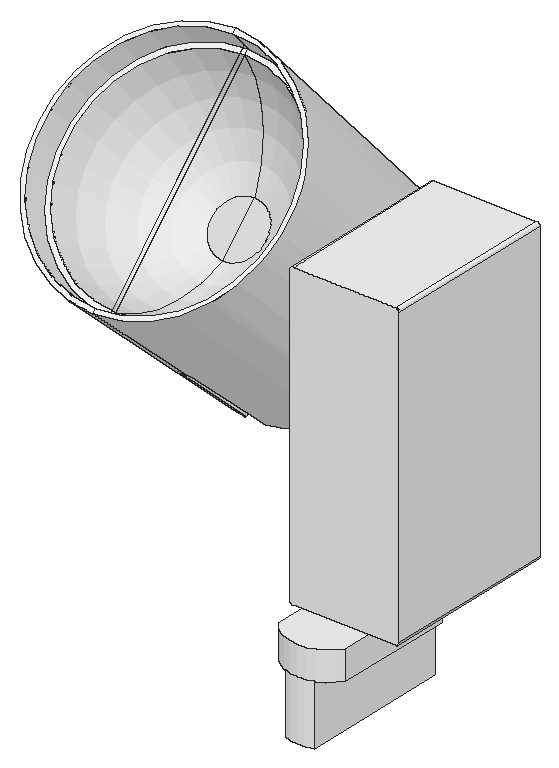
Revit family "0004869 Feilo Sylvania Lighting Fixture START TRACK SPOT L 55W 3K RA90 MB WHITE", category Lighting Fixtures, host Face, Revit 2017
Family settings
  Host = Face
  Round Connector Dimension = Use Diameter
  Part Type = Normal
  OmniClass Number = 23.80.70.00
  OmniClass Title = Lighting
  Cut with Voids When Loaded = No
  Light Source = No
  Shared = No
  Room Calculation Point = No
Parameters (values of type "0004869 START TRACK SPOT L 55W 3K RA90 MB WHITE")
  Weight = "1.398 kg"
  Wattage Comments = ""
  WarrantyStartDate [instance] = "n/a"
  WarrantyGuarantorParts = "n/a"
  WarrantyDurationUnit = "n/a"
  WarrantyDurationParts = "n/a"
  WarrantyDescription = "n/a"
  Voltage = 230 V
  URL = "http://www.sylvania-lighting.com"
  TypeName = "START TRACK SPOT L 55W 3K RA90 MB WHITE"
  TypeHead_FEILO = Start Track Spot Head : 0004869 START TRACK SPOT L 55W 3K RA90 MB WHITE
  TypeBox_FEILO = Start Track Spot Box : Type Large White
  Type Image = <None>
  Type Comments = "n/a"
  VerticalRotation_FEILO [instance] = 0.00°
  SlideEndAngle_FEILO [instance] = VerticalRotation_FEILO + 180.00°  # 180.00°
  SerialNumber [instance] = "n/a"
  Material_3_FEILO = none
  PowerFactor = 0.96
  PowerConsumption = "55 W"
  NominalLength = 0 mm
  NominalHeight = 240 mm
  NominalDepth = 164 mm
  Name = "START TRACK SPOT L 55W 3K RA90 MB WHITE"
  ModelReference = Name  # "START TRACK SPOT L 55W 3K RA90 MB WHITE"
  ModelNumber = "0004869"
  Model = Name  # "START TRACK SPOT L 55W 3K RA90 MB WHITE"
  Material = "adc12 aluminium housing, polycarbonate diffuser"
  ManufacturerName = "Feilo Sylvania"
  Manufacturer = "Feilo Sylvania"
  LuminousEfficacy = "81 lm/W"
  LuminaireType = ""
  LightOutputRatio = "100"
  LampsType = Lamp  # "LED"
  LampNominalLuminous = "4448 lm"
  LampMacAdamStep = "3"
  LampColourTemperature = "3000 K"
  LampColourRenderingIndex = "90"
  Lamp = "LED"
  Keynote = "16500"
  InstallationDate [instance] = "n/a"
  InputVoltage = "230-240V~"
  InputNominalFrequency = "50/60 Hz"
  IngressProtection = "IP20"
  ImpactProtectionIndex = "IK02"
  IfcExportType = "IfcLightFixtureType"
  IfcExportAs = "IfcLightFixtureType"
  HorizontalRotation_FEILO [instance] = 45.00°
  ExpectedLife = 50000
  ElectricShockClassification = "Class II"
  DurationUnit = "hours"
  DocumentationLiterature = "http://www.sylvania-lighting.com/product/en-int/products/0004869"
  DimmingControlOptions = "Non dimmable"
  Material_2_FEILO = none
  Description = "Integrated LED spotlight, Textured White - RAL9016, compact and minimalist design, ideal for retail applications, die-cast aluminium body, passive cooling heatsink. Beam angle: 38°, color temperature: 3000K , total system power: 55W, total fixture output: 4448 lm, LOR: 100%, colour rendering: Ra: 90 typical, LED Chromaticity: 3 step MacAdam ellipse, lifetime: >50000 hours at L70B50, energy class: A++, A+, A, IR/UV free light source without heat radiation, operating voltage: 220-240V / 50-60Hz, drive current: 1400mA, electronic driver, non-dimmable, power factor: 0.96, electrical protection: Class II, Global Track 3 Phase adapter suitable for Global trac 3-circuit tracks, ingress protection rating: IP20, suitable for internal environment only, horizontal rotation: 355°, vertical tilt: 90°, dimensions: Ø113x164x240, weight: 1.398kg."
  Default Elevation = 1219.2 mm
  CreatedOn = "12/12/2017"
  CreatedBy = ""
  Cost = 0
  built-in parameter 1114216 [instance] = (empty or 0)
  ClassificationValue = "EF_70_80"
  ClassificationName = "Uniclass2015"
  Material_1_FEILO = Body-Sylvania-StartTrackSpot-White
  BarCode [instance] = "n/a"
  AssetType = "Fixed"
  AssetIdentifier [instance] = "n/a"
  Assembly Code = "D5020200"
  Apparent Load = 55 VA
  Material_4_FEILO = none
Reference planes
  plane 1 "Center (Front/Back)": y = 0
  plane 2: z = 0
  plane 3 "Center (Left/Right)": x = 0
  plane 4: x = 15
  plane 5: x = -15
  plane 6: y = 35
  plane 7: y = -35
  plane 8: z = 13
  plane 9: z = -27
  plane 10: x = 6.5
  plane 11: x = -6.5
  plane 12: y = 27
  plane 13: y = -27
  plane 14: y = 20
Forms (mm)
  Extrusion 1, solid, material "Body-Sylvania-StartTrackSpot-White" <- "Material_1_FEILO"
    sketch origin (0, 0, 0) x (1, 0, 0) y (0, 1, 0)
      loop
        line (-15, 27) -> (-15, -27)
        arc (-15, -27) -> (0, -35) -> (15, -27) r 18.062
        line (15, -27) -> (15, 27)
        arc (15, 27) -> (0, 35) -> (-15, 27) r 18.062
    from 0 to 13
  Extrusion 2, solid, material "Body-Sylvania-StartTrackSpot-White" <- "Material_1_FEILO"
    sketch origin (0, 0, 0) x (1, 0, 0) y (0, 1, 0)
      loop
        arc (6.5, 33.79) -> (0, 35) -> (-6.5, 33.79) r 18.062
        line (-6.5, 33.79) -> (-6.5, -33.79)
        arc (-6.5, -33.79) -> (0, -35) -> (6.5, -33.79) r 18.062
        line (6.5, -33.79) -> (6.5, 33.79)
    from 0 to -27
  Revolve 3, solid, not visible
    sketch origin (1524, 20, 1219.2) x (1, 0, 0) y (0, 0, 1)
      loop
        line (-1524, -1206.2) -> (-1524, -1191.285) -> (-1530.5, -1191.285) -> (-1530.5, -1206.2) -> (-1524, -1206.2)
      axis (-1524, -1191.285) -> (-1524, -1206.2)
    angle from 0 <- "VerticalRotation_FEILO" to 180 <- "SlideEndAngle_FEILO"
Cuts and joins
  joined: Extrusion 1, Extrusion 2
Dimensions and locks
  equal spacing: plane 10, plane 3 "Center (Left/Right)", plane 11
  equal spacing: plane 4, plane 3 "Center (Left/Right)", plane 5
  locked: plane 8 to plane 2 at 13
  locked: plane 8 to plane 9 at 40
  equal spacing: plane 13, plane 1 "Center (Front/Back)", plane 12
  locked: plane 12 to plane 6 at 8
  locked: plane 14 to plane 6 at 15
  locked: Revolve 3 sketch curve to plane 8 at 14.915
  aligned and locked: plane 2 to host face
  aligned and locked: level to host face
  aligned and locked: plane 5 to Extrusion 1 sketch curve  (x2)
  aligned and locked: plane 12 to Extrusion 1 sketch curve
  aligned and locked: plane 13 to Extrusion 1 sketch curve
  aligned and locked: plane 4 to Extrusion 1 sketch curve
  aligned and locked: Extrusion 1 to plane 8
  aligned and locked: Extrusion 1 to level
  aligned and locked: Extrusion 2 sketch curve to Extrusion 1  (x2)
  aligned and locked: Extrusion 2 sketch curve to plane 11
  aligned and locked: plane 10 to Extrusion 2 sketch curve
  aligned and locked: plane 9 to Extrusion 2
  aligned and locked: level to Extrusion 2
  aligned and locked: Revolve 3 sketch curve to plane 3 "Center (Left/Right)"  (x2)
  aligned and locked: plane 11 to Revolve 3 sketch curve
  aligned and locked: Revolve 3 sketch curve to plane 8
Automatic sketch dimensions
  host sketch curve to host sketch curve = 2438.4 mm  (x2)
  Extrusion 1 sketch curve to plane 3 "Center (Left/Right)" = 0 mm  (x2)
  Extrusion 1 sketch curve to plane 13 = 10.062 mm
  plane 12 to Extrusion 1 sketch curve = 10.062 mm
  Revolve 3 sketch curve to plane 3 "Center (Left/Right)" = 0 mm
  plane 9 to Revolve 3 sketch curve = 582.6 mm
  Revolve 3 sketch curve to Revolve 3 sketch curve = 2581.144 mm
Nested families
  nested 1: "Start Track Spot Head" at (-75.5, 20, 133) x (0, 0.7071, 0.7071) z (0, 0.7071, -0.7071), type <- "TypeHead_FEILO", type "0004869 START TRACK SPOT L 55W 3K RA90 MB WHITE"
    with built-in parameter 1114216 (empty or 0)
  nested 2: "Start Track Spot Box" at (8.5, 20, 85) x (-1, 0, 0) z (0, -1, 0), BoxStartAngle_FEILO <- "HorizontalRotation_FEILO", type <- "TypeBox_FEILO", type "Type Large White"
    with BoxStartAngle_FEILO 45.00°, BoxEndAngle_FEILO -135.00°
Connectors
  electrical at (0, 0, 0), driven by "Apparent Load", driven by "PowerFactor", driven by "Voltage"
    settings: index 1, voltage 230 V, apparent load 55 VA, apparent load phase1 0 VA, apparent load phase2 0 VA, apparent load phase3 0 VA, power factor 0.96, load classification "Lighting", number of poles 1, system type 30, power factor state 1, is connector primary yes, connector utility no, sub classification motor no, connector description ""
Definition of nested family "Start Track Spot Head"
  Parameters (values of type "0004811 START TRACK SPOT S 14W 3K RA80 NB WHITE")
    Wattage Comments = "n/a"
    Wattage = 14 W
    built-in parameter 1150110 = 1 (stored number, unit not read)
    URL = "http://www.feilosylvania.com"
    Type Image = (empty or 0)
    Type Comments = "n/a"
    built-in parameter 1114217 = 1 (stored number, unit not read)
    Tilt Angle = -90.00°
    built-in parameter 1150109 = 1 (stored number, unit not read)
    built-in parameter 1150134 = (empty or 0)
    built-in parameter 1150113 = 1 (stored number, unit not read)
    Photometric Web File = "0004811.ies"
    Material_3_FEILO = none
    Model = "START TRACK SPOT S 14W 3K RA80 NB WHITE"
    Manufacturer = "Feilo Sylvania"
    built-in parameter 1150105 = 123.66 (stored number, unit not read)
    Lumens = 1554 lm
    built-in parameter 1150115 = 1 (stored number, unit not read)
    built-in parameter 1150137 = (empty or 0)
    built-in parameter 1150139 = (empty or 0)
    built-in parameter 1150112 = 1 (stored number, unit not read)
    built-in parameter 1150114 = 1 (stored number, unit not read)
    Lamp = "LED"
    Keynote = "16500"
    Material_2_FEILO = none
    built-in parameter 1150132 = (empty or 0)
    built-in parameter 1150102 = (empty or 0)
    built-in parameter 1150107 = 3000 (stored number, unit not read)
    built-in parameter 1150138 = (empty or 0)
    built-in parameter 1150106 = 1.2366 (stored number, unit not read)
    HeadThickness_FEILO = if(HeadDiaOut_FEILO > 112 mm, 2 mm, 1.5 mm)  # 1.5 mm
    HeadRibOffset_FEILO = HeadHeight_FEILO / 28  # 4.179 mm
    HeadRibDepth_FEILO = HeadHeight_FEILO / 2.1  # 55.714 mm
    HeadRibCutWidth_FEILO = HeadDiaOut_FEILO / 12  # 7.167 mm
    HeadRibCutOffset_FEILO = HeadHeight_FEILO / 2.3  # 50.87 mm
    HeadReflectorRadius_FEILO = HeadDiaOut_FEILO / 1.7  # 50.588 mm
    HeadReflectorOffset_FEILO = HeadHeight_FEILO / 2.1  # 55.714 mm
    HeadLEDRadius_FEILO = HeadDiaOut_FEILO / 9  # 9.556 mm
    HeadHeight_FEILO = 117 mm
    HeadDraft_FEILO = 1 mm
    HeadDiffusorThickness_FEILO = 3 mm
    HeadDiffusorOffset_FEILO = HeadHeight_FEILO / 12.4  # 9.435 mm
    HeadDiaOut_FEILO = 86 mm
    HeadDiaIn_FEILO = HeadDiaOut_FEILO / 1.11  # 77.477 mm
    HeadAxisFromTop_FEILO = HeadHeight_FEILO / 1.687  # 69.354 mm
    Emit from Circle Diameter = HeadDiaIn_FEILO  # 77.477 mm
    Emit Shape Visible in Rendering = no
    built-in parameter 1150104 = 10.312 (stored number, unit not read)
    Dimming Lamp Color Temperature Shift = (empty or 0)
    Description = "Integrated LED spotlight, Textured White - RAL9016, compact and minimalist design, ideal for retail applications, die-cast aluminium body, passive cooling heatsink. Beam angle: 12°, color temperature: 3000K , total system power: 14W, total fixture output: 1551 lm, LOR: 100%, colour rendering: Ra: 80 typical, LED Chromaticity: 3 step MacAdam ellipse, lifetime: >50000 hours at L70B50, energy class: A++, A+, A, IR/UV free light source without heat radiation, operating voltage: 220-240V / 50-60Hz, drive current: 350mA, electronic driver, non-dimmable, power factor: 0.92, electrical protection: Class II, Global Track 3 Phase adapter suitable for Global trac 3-circuit tracks, ingress protection rating: IP20, suitable for internal environment only, horizontal rotation: 355°, vertical tilt: 90°, dimensions: Ø86x140x200, weight: 0.940kg."
    Default Elevation = 1219.2 mm
    Cost = 0
    Color Filter = 16777215
    built-in parameter 1114216 [instance] = (empty or 0)
    Material_1_FEILO = none
    built-in parameter 1114218 = 1 (stored number, unit not read)
    built-in parameter 1150133 = 10 (stored number, unit not read)
    Assembly Code = "D5020200"
    Apparent Load = 14 VA
    Material_4_FEILO = none
  Types (96, lengths in mm): name | Wattage | built-in parameter 1150134 | Photometric Web File | Model | built-in parameter 1150105 | Lumens | built-in parameter 1150107 | built-in parameter 1150106 | HeadThickness_FEILO | HeadRibOffset_FEILO | HeadRibDepth_FEILO | HeadRibCutWidth_FEILO | HeadRibCutOffset_FEILO | HeadReflectorRadius_FEILO | HeadReflectorOffset_FEILO | HeadLEDRadius_FEILO | HeadHeight_FEILO | HeadDiffusorOffset_FEILO | HeadDiaOut_FEILO | HeadDiaIn_FEILO | HeadAxisFromTop_FEILO | Emit from Circle Diameter | built-in parameter 1150104 | Description | Apparent Load
    0004906 START TRACK SPOT L 55W 4K RA90 WB BLACK | 55 W | 12 | "0004906.ies" | "START TRACK SPOT L 55W 4K RA90 WB BLACK" | 385.15 (stored number, unit not read) | 4840 lm | 4000 (stored number, unit not read) | 3.8515 (stored number, unit not read) | 2 | 4.429 | 59.048 | 9.417 | 53.913 | 66.471 | 59.048 | 12.556 | 124 | 10 | 113 | 101.802 | 73.503 | 101.802 | 8.1755 (stored number, unit not read) | "Integrated LED spotlight, Textured Black - RAL9005, compact and minimalist design, ideal for retail applications, die-cast aluminium body, passive cooling heatsink. Beam angle: 52°, color temperature: 4000K , total system power: 55W, total fixture output: 4824 lm, LOR: 100%, colour rendering: Ra: 90 typical, LED Chromaticity: 3 step MacAdam ellipse, lifetime: >50000 hours at L70B50, energy class: A++, A+, A, IR/UV free light source without heat radiation, operating voltage: 220-240V / 50-60Hz, drive current: 1400mA, electronic driver, non-dimmable, power factor: 0.96, electrical protection: Class II, Global Track 3 Phase adapter suitable for Global trac 3-circuit tracks, ingress protection rating: IP20, suitable for internal environment only, horizontal rotation: 355°, vertical tilt: 90°, dimensions: Ø113x164x240, weight: 1.398kg." | 55 VA
    0004905 START TRACK SPOT L 55W 4K RA90 MB BLACK | 55 W | 12 | "0004905.ies" | "START TRACK SPOT L 55W 4K RA90 MB BLACK" | 389.53 (stored number, unit not read) | 4895 lm | 4000 (stored number, unit not read) | 3.8953 (stored number, unit not read) | 2 | 4.429 | 59.048 | 9.417 | 53.913 | 66.471 | 59.048 | 12.556 | 124 | 10 | 113 | 101.802 | 73.503 | 101.802 | 8.2684 (stored number, unit not read) | "Integrated LED spotlight, Textured Black - RAL9005, compact and minimalist design, ideal for retail applications, die-cast aluminium body, passive cooling heatsink. Beam angle: 38°, color temperature: 4000K , total system power: 55W, total fixture output: 4897 lm, LOR: 100%, colour rendering: Ra: 90 typical, LED Chromaticity: 3 step MacAdam ellipse, lifetime: >50000 hours at L70B50, energy class: A++, A+, A, IR/UV free light source without heat radiation, operating voltage: 220-240V / 50-60Hz, drive current: 1400mA, electronic driver, non-dimmable, power factor: 0.96, electrical protection: Class II, Global Track 3 Phase adapter suitable for Global trac 3-circuit tracks, ingress protection rating: IP20, suitable for internal environment only, horizontal rotation: 355°, vertical tilt: 90°, dimensions: Ø113x164x240, weight: 1.398kg." | 55 VA
    0004904 START TRACK SPOT L 55W 4K RA90 NB BLACK | 55 W | 12 | "0004904.ies" | "START TRACK SPOT L 55W 4K RA90 NB BLACK" | 393.91 (stored number, unit not read) | 4950 lm | 4000 (stored number, unit not read) | 3.9391 (stored number, unit not read) | 2 | 4.429 | 59.048 | 9.417 | 53.913 | 66.471 | 59.048 | 12.556 | 124 | 10 | 113 | 101.802 | 73.503 | 101.802 | 8.3613 (stored number, unit not read) | "Integrated LED spotlight, Textured Black - RAL9005, compact and minimalist design, ideal for retail applications, die-cast aluminium body, passive cooling heatsink. Beam angle: 15°, color temperature: 4000K , total system power: 55W, total fixture output: 4965 lm, LOR: 100%, colour rendering: Ra: 90 typical, LED Chromaticity: 3 step MacAdam ellipse, lifetime: >50000 hours at L70B50, energy class: A++, A+, A, IR/UV free light source without heat radiation, operating voltage: 220-240V / 50-60Hz, drive current: 1400mA, electronic driver, non-dimmable, power factor: 0.96, electrical protection: Class II, Global Track 3 Phase adapter suitable for Global trac 3-circuit tracks, ingress protection rating: IP20, suitable for internal environment only, horizontal rotation: 355°, vertical tilt: 90°, dimensions: Ø113x164x240, weight: 1.398kg." | 55 VA
    0004903 START TRACK SPOT L 35W 4K RA90 WB BLACK | 35 W | 12 | "0004903.ies" | "START TRACK SPOT L 35W 4K RA90 WB BLACK" | 284.09 (stored number, unit not read) | 3570 lm | 4000 (stored number, unit not read) | 2.8409 (stored number, unit not read) | 2 | 4.429 | 59.048 | 9.417 | 53.913 | 66.471 | 59.048 | 12.556 | 124 | 10 | 113 | 101.802 | 73.503 | 101.802 | 9.4761 (stored number, unit not read) | "Integrated LED spotlight, Textured Black - RAL9005, compact and minimalist design, ideal for retail applications, die-cast aluminium body, passive cooling heatsink. Beam angle: 52°, color temperature: 4000K , total system power: 35W, total fixture output: 3562 lm, LOR: 100%, colour rendering: Ra: 90 typical, LED Chromaticity: 3 step MacAdam ellipse, lifetime: >50000 hours at L70B50, energy class: A++, A+, A, IR/UV free light source without heat radiation, operating voltage: 220-240V / 50-60Hz, drive current: 900mA, electronic driver, non-dimmable, power factor: 0.93, electrical protection: Class II, Global Track 3 Phase adapter suitable for Global trac 3-circuit tracks, ingress protection rating: IP20, suitable for internal environment only, horizontal rotation: 355°, vertical tilt: 90°, dimensions: Ø113x164x240, weight: 1.368kg." | 35 VA
    0004902 START TRACK SPOT L 35W 4K RA90 MB BLACK | 35 W | 12 | "0004902.ies" | "START TRACK SPOT L 35W 4K RA90 MB BLACK" | 286.88 (stored number, unit not read) | 3605 lm | 4000 (stored number, unit not read) | 2.8688 (stored number, unit not read) | 2 | 4.429 | 59.048 | 9.417 | 53.913 | 66.471 | 59.048 | 12.556 | 124 | 10 | 113 | 101.802 | 73.503 | 101.802 | 9.569 (stored number, unit not read) | "Integrated LED spotlight, Textured Black - RAL9005, compact and minimalist design, ideal for retail applications, die-cast aluminium body, passive cooling heatsink. Beam angle: 38°, color temperature: 4000K , total system power: 35W, total fixture output: 3616 lm, LOR: 100%, colour rendering: Ra: 90 typical, LED Chromaticity: 3 step MacAdam ellipse, lifetime: >50000 hours at L70B50, energy class: A++, A+, A, IR/UV free light source without heat radiation, operating voltage: 220-240V / 50-60Hz, drive current: 900mA, electronic driver, non-dimmable, power factor: 0.93, electrical protection: Class II, Global Track 3 Phase adapter suitable for Global trac 3-circuit tracks, ingress protection rating: IP20, suitable for internal environment only, horizontal rotation: 355°, vertical tilt: 90°, dimensions: Ø113x164x240, weight: 1.368kg." | 35 VA
    0004901 START TRACK SPOT L 35W 4K RA90 NB BLACK | 35 W | 12 | "0004901.ies" | "START TRACK SPOT L 35W 4K RA90 NB BLACK" | 286.88 (stored number, unit not read) | 3605 lm | 4000 (stored number, unit not read) | 2.8688 (stored number, unit not read) | 2 | 4.429 | 59.048 | 9.417 | 53.913 | 66.471 | 59.048 | 12.556 | 124 | 10 | 113 | 101.802 | 73.503 | 101.802 | 9.569 (stored number, unit not read) | "Integrated LED spotlight, Textured Black - RAL9005, compact and minimalist design, ideal for retail applications, die-cast aluminium body, passive cooling heatsink. Beam angle: 15°, color temperature: 4000K , total system power: 35W, total fixture output: 3593 lm, LOR: 100%, colour rendering: Ra: 90 typical, LED Chromaticity: 3 step MacAdam ellipse, lifetime: >50000 hours at L70B50, energy class: A++, A+, A, IR/UV free light source without heat radiation, operating voltage: 220-240V / 50-60Hz, drive current: 900mA, electronic driver, non-dimmable, power factor: 0.93, electrical protection: Class II, Global Track 3 Phase adapter suitable for Global trac 3-circuit tracks, ingress protection rating: IP20, suitable for internal environment only, horizontal rotation: 355°, vertical tilt: 90°, dimensions: Ø113x164x240, weight: 1.368kg." | 35 VA
    0004900 START TRACK SPOT S 24W 4K RA90 WB BLACK | 24 W | 12 | "0004900.ies" | "START TRACK SPOT S 24W 4K RA90 WB BLACK" | 166.16 (stored number, unit not read) | 2088 lm | 4000 (stored number, unit not read) | 1.6616 (stored number, unit not read) | 1.5 | 4.179 | 55.714 | 7.167 | 50.87 | 50.588 | 55.714 | 9.556 | 117 | 9.435 | 86 | 77.477 | 69.354 | 77.477 | 8.0826 (stored number, unit not read) | "Integrated LED spotlight, Textured Black - RAL9005, compact and minimalist design, ideal for retail applications, die-cast aluminium body, passive cooling heatsink. Beam angle: 64°, color temperature: 4000K , total system power: 24W, total fixture output: 2087 lm, LOR: 100%, colour rendering: Ra: 90 typical, LED Chromaticity: 3 step MacAdam ellipse, lifetime: >50000 hours at L70B50, energy class: A++, A+, A, IR/UV free light source without heat radiation, operating voltage: 220-240V / 50-60Hz, drive current: 600mA, electronic driver, non-dimmable, power factor: 0.95, electrical protection: Class II, Global Track 3 Phase adapter suitable for Global trac 3-circuit tracks, ingress protection rating: IP20, suitable for internal environment only, horizontal rotation: 355°, vertical tilt: 90°, dimensions: Ø86x140x200, weight: 0.966kg." | 24 VA
    0004899 START TRACK SPOT S 24W 4K RA90 MB BLACK | 24 W | 12 | "0004899.ies" | "START TRACK SPOT S 24W 4K RA90 MB BLACK" | 169.98 (stored number, unit not read) | 2136 lm | 4000 (stored number, unit not read) | 1.6998 (stored number, unit not read) | 1.5 | 4.179 | 55.714 | 7.167 | 50.87 | 50.588 | 55.714 | 9.556 | 117 | 9.435 | 86 | 77.477 | 69.354 | 77.477 | 8.2684 (stored number, unit not read) | "Integrated LED spotlight, Textured Black - RAL9005, compact and minimalist design, ideal for retail applications, die-cast aluminium body, passive cooling heatsink. Beam angle: 36°, color temperature: 4000K , total system power: 24W, total fixture output: 2141 lm, LOR: 100%, colour rendering: Ra: 90 typical, LED Chromaticity: 3 step MacAdam ellipse, lifetime: >50000 hours at L70B50, energy class: A++, A+, A, IR/UV free light source without heat radiation, operating voltage: 220-240V / 50-60Hz, drive current: 600mA, electronic driver, non-dimmable, power factor: 0.95, electrical protection: Class II, Global Track 3 Phase adapter suitable for Global trac 3-circuit tracks, ingress protection rating: IP20, suitable for internal environment only, horizontal rotation: 355°, vertical tilt: 90°, dimensions: Ø86x140x200, weight: 0.966kg." | 24 VA
    0004898 START TRACK SPOT S 24W 4K RA90 NB BLACK | 24 W | 12 | "0004898.ies" | "START TRACK SPOT S 24W 4K RA90 NB BLACK" | 171.89 (stored number, unit not read) | 2160 lm | 4000 (stored number, unit not read) | 1.7189 (stored number, unit not read) | 1.5 | 4.179 | 55.714 | 7.167 | 50.87 | 50.588 | 55.714 | 9.556 | 117 | 9.435 | 86 | 77.477 | 69.354 | 77.477 | 8.3613 (stored number, unit not read) | "Integrated LED spotlight, Textured Black - RAL9005, compact and minimalist design, ideal for retail applications, die-cast aluminium body, passive cooling heatsink. Beam angle: 12°, color temperature: 4000K , total system power: 24W, total fixture output: 2155 lm, LOR: 100%, colour rendering: Ra: 90 typical, LED Chromaticity: 3 step MacAdam ellipse, lifetime: >50000 hours at L70B50, energy class: A++, A+, A, IR/UV free light source without heat radiation, operating voltage: 220-240V / 50-60Hz, drive current: 600mA, electronic driver, non-dimmable, power factor: 0.95, electrical protection: Class II, Global Track 3 Phase adapter suitable for Global trac 3-circuit tracks, ingress protection rating: IP20, suitable for internal environment only, horizontal rotation: 355°, vertical tilt: 90°, dimensions: Ø86x140x200, weight: 0.966kg." | 24 VA
    0004897 START TRACK SPOT S 14W 4K RA90 WB BLACK | 14 W | 12 | "0004897.ies" | "START TRACK SPOT S 14W 4K RA90 WB BLACK" | 108.07 (stored number, unit not read) | 1358 lm | 4000 (stored number, unit not read) | 1.0807 (stored number, unit not read) | 1.5 | 4.179 | 55.714 | 7.167 | 50.87 | 50.588 | 55.714 | 9.556 | 117 | 9.435 | 86 | 77.477 | 69.354 | 77.477 | 9.0116 (stored number, unit not read) | "Integrated LED spotlight, Textured Black - RAL9005, compact and minimalist design, ideal for retail applications, die-cast aluminium body, passive cooling heatsink. Beam angle: 64°, color temperature: 4000K , total system power: 14W, total fixture output: 1352 lm, LOR: 100%, colour rendering: Ra: 90 typical, LED Chromaticity: 3 step MacAdam ellipse, lifetime: >50000 hours at L70B50, energy class: A++, A+, A, IR/UV free light source without heat radiation, operating voltage: 220-240V / 50-60Hz, drive current: 350mA, electronic driver, non-dimmable, power factor: 0.92, electrical protection: Class II, Global Track 3 Phase adapter suitable for Global trac 3-circuit tracks, ingress protection rating: IP20, suitable for internal environment only, horizontal rotation: 355°, vertical tilt: 90°, dimensions: Ø86x140x200, weight: 0.940kg." | 14 VA
    0004896 START TRACK SPOT S 14W 4K RA90 MB BLACK | 14 W | 12 | "0004896.ies" | "START TRACK SPOT S 14W 4K RA90 MB BLACK" | 108.07 (stored number, unit not read) | 1358 lm | 4000 (stored number, unit not read) | 1.0807 (stored number, unit not read) | 1.5 | 4.179 | 55.714 | 7.167 | 50.87 | 50.588 | 55.714 | 9.556 | 117 | 9.435 | 86 | 77.477 | 69.354 | 77.477 | 9.0116 (stored number, unit not read) | "Integrated LED spotlight, Textured Black - RAL9005, compact and minimalist design, ideal for retail applications, die-cast aluminium body, passive cooling heatsink. Beam angle: 36°, color temperature: 4000K , total system power: 14W, total fixture output: 1359 lm, LOR: 100%, colour rendering: Ra: 90 typical, LED Chromaticity: 3 step MacAdam ellipse, lifetime: >50000 hours at L70B50, energy class: A++, A+, A, IR/UV free light source without heat radiation, operating voltage: 220-240V / 50-60Hz, drive current: 350mA, electronic driver, non-dimmable, power factor: 0.92, electrical protection: Class II, Global Track 3 Phase adapter suitable for Global trac 3-circuit tracks, ingress protection rating: IP20, suitable for internal environment only, horizontal rotation: 355°, vertical tilt: 90°, dimensions: Ø86x140x200, weight: 0.940kg." | 14 VA
    0004895 START TRACK SPOT S 14W 4K RA90 NB BLACK | 14 W | 12 | "0004895.ies" | "START TRACK SPOT S 14W 4K RA90 NB BLACK" | 106.95 (stored number, unit not read) | 1344 lm | 4000 (stored number, unit not read) | 1.0695 (stored number, unit not read) | 1.5 | 4.179 | 55.714 | 7.167 | 50.87 | 50.588 | 55.714 | 9.556 | 117 | 9.435 | 86 | 77.477 | 69.354 | 77.477 | 8.9187 (stored number, unit not read) | "Integrated LED spotlight, Textured Black - RAL9005, compact and minimalist design, ideal for retail applications, die-cast aluminium body, passive cooling heatsink. Beam angle: 12°, color temperature: 4000K , total system power: 14W, total fixture output: 1349 lm, LOR: 100%, colour rendering: Ra: 90 typical, LED Chromaticity: 3 step MacAdam ellipse, lifetime: >50000 hours at L70B50, energy class: A++, A+, A, IR/UV free light source without heat radiation, operating voltage: 220-240V / 50-60Hz, drive current: 350mA, electronic driver, non-dimmable, power factor: 0.92, electrical protection: Class II, Global Track 3 Phase adapter suitable for Global trac 3-circuit tracks, ingress protection rating: IP20, suitable for internal environment only, horizontal rotation: 355°, vertical tilt: 90°, dimensions: Ø86x140x200, weight: 0.940kg." | 14 VA
    0004894 START TRACK SPOT L 55W 3K RA90 WB BLACK | 55 W | (empty or 0) | "0004894.ies" | "START TRACK SPOT L 55W 3K RA90 WB BLACK" | 350.14 (stored number, unit not read) | 4400 lm | 3000 (stored number, unit not read) | 3.5014 (stored number, unit not read) | 2 | 4.429 | 59.048 | 9.417 | 53.913 | 66.471 | 59.048 | 12.556 | 124 | 10 | 113 | 101.802 | 73.503 | 101.802 | 7.4322 (stored number, unit not read) | "Integrated LED spotlight, Textured Black - RAL9005, compact and minimalist design, ideal for retail applications, die-cast aluminium body, passive cooling heatsink. Beam angle: 52°, color temperature: 3000K , total system power: 55W, total fixture output: 4405 lm, LOR: 100%, colour rendering: Ra: 90 typical, LED Chromaticity: 3 step MacAdam ellipse, lifetime: >50000 hours at L70B50, energy class: A++, A+, A, IR/UV free light source without heat radiation, operating voltage: 220-240V / 50-60Hz, drive current: 1400mA, electronic driver, non-dimmable, power factor: 0.96, electrical protection: Class II, Global Track 3 Phase adapter suitable for Global trac 3-circuit tracks, ingress protection rating: IP20, suitable for internal environment only, horizontal rotation: 355°, vertical tilt: 90°, dimensions: Ø113x164x240, weight: 1.398kg." | 55 VA
    0004893 START TRACK SPOT L 55W 3K RA90 MB BLACK | 55 W | (empty or 0) | "0004893.ies" | "START TRACK SPOT L 55W 3K RA90 MB BLACK" | 354.52 (stored number, unit not read) | 4455 lm | 3000 (stored number, unit not read) | 3.5452 (stored number, unit not read) | 2 | 4.429 | 59.048 | 9.417 | 53.913 | 66.471 | 59.048 | 12.556 | 124 | 10 | 113 | 101.802 | 73.503 | 101.802 | 7.5251 (stored number, unit not read) | "Integrated LED spotlight, Textured Black - RAL9005, compact and minimalist design, ideal for retail applications, die-cast aluminium body, passive cooling heatsink. Beam angle: 38°, color temperature: 3000K , total system power: 55W, total fixture output: 4448 lm, LOR: 100%, colour rendering: Ra: 90 typical, LED Chromaticity: 3 step MacAdam ellipse, lifetime: >50000 hours at L70B50, energy class: A++, A+, A, IR/UV free light source without heat radiation, operating voltage: 220-240V / 50-60Hz, drive current: 1400mA, electronic driver, non-dimmable, power factor: 0.96, electrical protection: Class II, Global Track 3 Phase adapter suitable for Global trac 3-circuit tracks, ingress protection rating: IP20, suitable for internal environment only, horizontal rotation: 355°, vertical tilt: 90°, dimensions: Ø113x164x240, weight: 1.398kg." | 55 VA
    0004892 START TRACK SPOT L 55W 3K RA90 NB BLACK | 55 W | (empty or 0) | "0004892.ies" | "START TRACK SPOT L 55W 3K RA90 NB BLACK" | 350.14 (stored number, unit not read) | 4400 lm | 3000 (stored number, unit not read) | 3.5014 (stored number, unit not read) | 2 | 4.429 | 59.048 | 9.417 | 53.913 | 66.471 | 59.048 | 12.556 | 124 | 10 | 113 | 101.802 | 73.503 | 101.802 | 7.4322 (stored number, unit not read) | "Integrated LED spotlight, Textured Black - RAL9005, compact and minimalist design, ideal for retail applications, die-cast aluminium body, passive cooling heatsink. Beam angle: 15°, color temperature: 3000K , total system power: 55W, total fixture output: 4416 lm, LOR: 100%, colour rendering: Ra: 90 typical, LED Chromaticity: 3 step MacAdam ellipse, lifetime: >50000 hours at L70B50, energy class: A++, A+, A, IR/UV free light source without heat radiation, operating voltage: 220-240V / 50-60Hz, drive current: 1400mA, electronic driver, non-dimmable, power factor: 0.96, electrical protection: Class II, Global Track 3 Phase adapter suitable for Global trac 3-circuit tracks, ingress protection rating: IP20, suitable for internal environment only, horizontal rotation: 355°, vertical tilt: 90°, dimensions: Ø113x164x240, weight: 1.398kg." | 55 VA
    0004891 START TRACK SPOT L 35W 3K RA90 WB BLACK | 35 W | (empty or 0) | "0004891.ies" | "START TRACK SPOT L 35W 3K RA90 WB BLACK" | 259.02 (stored number, unit not read) | 3255 lm | 3000 (stored number, unit not read) | 2.5902 (stored number, unit not read) | 2 | 4.429 | 59.048 | 9.417 | 53.913 | 66.471 | 59.048 | 12.556 | 124 | 10 | 113 | 101.802 | 73.503 | 101.802 | 8.64 (stored number, unit not read) | "Integrated LED spotlight, Textured Black - RAL9005, compact and minimalist design, ideal for retail applications, die-cast aluminium body, passive cooling heatsink. Beam angle: 52°, color temperature: 3000K , total system power: 35W, total fixture output: 3260 lm, LOR: 100%, colour rendering: Ra: 90 typical, LED Chromaticity: 3 step MacAdam ellipse, lifetime: >50000 hours at L70B50, energy class: A++, A+, A, IR/UV free light source without heat radiation, operating voltage: 220-240V / 50-60Hz, drive current: 900mA, electronic driver, non-dimmable, power factor: 0.93, electrical protection: Class II, Global Track 3 Phase adapter suitable for Global trac 3-circuit tracks, ingress protection rating: IP20, suitable for internal environment only, horizontal rotation: 355°, vertical tilt: 90°, dimensions: Ø113x164x240, weight: 1.368kg." | 35 VA
    0004890 START TRACK SPOT L 35W 3K RA90 MB BLACK | 35 W | (empty or 0) | "0004890.ies" | "START TRACK SPOT L 35W 3K RA90 MB BLACK" | 261.81 (stored number, unit not read) | 3290 lm | 3000 (stored number, unit not read) | 2.6181 (stored number, unit not read) | 2 | 4.429 | 59.048 | 9.417 | 53.913 | 66.471 | 59.048 | 12.556 | 124 | 10 | 113 | 101.802 | 73.503 | 101.802 | 8.7329 (stored number, unit not read) | "Integrated LED spotlight, Textured Black - RAL9005, compact and minimalist design, ideal for retail applications, die-cast aluminium body, passive cooling heatsink. Beam angle: 38°, color temperature: 3000K , total system power: 35W, total fixture output: 3306 lm, LOR: 100%, colour rendering: Ra: 90 typical, LED Chromaticity: 3 step MacAdam ellipse, lifetime: >50000 hours at L70B50, energy class: A++, A+, A, IR/UV free light source without heat radiation, operating voltage: 220-240V / 50-60Hz, drive current: 900mA, electronic driver, non-dimmable, power factor: 0.93, electrical protection: Class II, Global Track 3 Phase adapter suitable for Global trac 3-circuit tracks, ingress protection rating: IP20, suitable for internal environment only, horizontal rotation: 355°, vertical tilt: 90°, dimensions: Ø113x164x240, weight: 1.368kg." | 35 VA
    0004889 START TRACK SPOT L 35W 3K RA90 NB BLACK | 35 W | (empty or 0) | "0004889.ies" | "START TRACK SPOT L 35W 3K RA90 NB BLACK" | 261.81 (stored number, unit not read) | 3290 lm | 3000 (stored number, unit not read) | 2.6181 (stored number, unit not read) | 2 | 4.429 | 59.048 | 9.417 | 53.913 | 66.471 | 59.048 | 12.556 | 124 | 10 | 113 | 101.802 | 73.503 | 101.802 | 8.7329 (stored number, unit not read) | "Integrated LED spotlight, Textured Black - RAL9005, compact and minimalist design, ideal for retail applications, die-cast aluminium body, passive cooling heatsink. Beam angle: 15°, color temperature: 3000K , total system power: 35W, total fixture output: 3287 lm, LOR: 100%, colour rendering: Ra: 90 typical, LED Chromaticity: 3 step MacAdam ellipse, lifetime: >50000 hours at L70B50, energy class: A++, A+, A, IR/UV free light source without heat radiation, operating voltage: 220-240V / 50-60Hz, drive current: 900mA, electronic driver, non-dimmable, power factor: 0.93, electrical protection: Class II, Global Track 3 Phase adapter suitable for Global trac 3-circuit tracks, ingress protection rating: IP20, suitable for internal environment only, horizontal rotation: 355°, vertical tilt: 90°, dimensions: Ø113x164x240, weight: 1.368kg." | 35 VA
    0004888 START TRACK SPOT S 24W 3K RA90 WB BLACK | 24 W | (empty or 0) | "0004888.ies" | "START TRACK SPOT S 24W 3K RA90 WB BLACK" | 152.79 (stored number, unit not read) | 1920 lm | 3000 (stored number, unit not read) | 1.5279 (stored number, unit not read) | 1.5 | 4.179 | 55.714 | 7.167 | 50.87 | 50.588 | 55.714 | 9.556 | 117 | 9.435 | 86 | 77.477 | 69.354 | 77.477 | 7.4322 (stored number, unit not read) | "Integrated LED spotlight, Textured Black - RAL9005, compact and minimalist design, ideal for retail applications, die-cast aluminium body, passive cooling heatsink. Beam angle: 64°, color temperature: 3000K , total system power: 24W, total fixture output: 1928 lm, LOR: 100%, colour rendering: Ra: 90 typical, LED Chromaticity: 3 step MacAdam ellipse, lifetime: >50000 hours at L70B50, energy class: A++, A+, A, IR/UV free light source without heat radiation, operating voltage: 220-240V / 50-60Hz, drive current: 600mA, electronic driver, non-dimmable, power factor: 0.95, electrical protection: Class II, Global Track 3 Phase adapter suitable for Global trac 3-circuit tracks, ingress protection rating: IP20, suitable for internal environment only, horizontal rotation: 355°, vertical tilt: 90°, dimensions: Ø86x140x200, weight: 0.966kg." | 24 VA
    0004887 START TRACK SPOT S 24W 3K RA90 MB BLACK | 24 W | (empty or 0) | "0004887.ies" | "START TRACK SPOT S 24W 3K RA90 MB BLACK" | 154.7 (stored number, unit not read) | 1944 lm | 3000 (stored number, unit not read) | 1.547 (stored number, unit not read) | 1.5 | 4.179 | 55.714 | 7.167 | 50.87 | 50.588 | 55.714 | 9.556 | 117 | 9.435 | 86 | 77.477 | 69.354 | 77.477 | 7.5251 (stored number, unit not read) | "Integrated LED spotlight, Textured Black - RAL9005, compact and minimalist design, ideal for retail applications, die-cast aluminium body, passive cooling heatsink. Beam angle: 36°, color temperature: 3000K , total system power: 24W, total fixture output: 1944 lm, LOR: 100%, colour rendering: Ra: 90 typical, LED Chromaticity: 3 step MacAdam ellipse, lifetime: >50000 hours at L70B50, energy class: A++, A+, A, IR/UV free light source without heat radiation, operating voltage: 220-240V / 50-60Hz, drive current: 600mA, electronic driver, non-dimmable, power factor: 0.95, electrical protection: Class II, Global Track 3 Phase adapter suitable for Global trac 3-circuit tracks, ingress protection rating: IP20, suitable for internal environment only, horizontal rotation: 355°, vertical tilt: 90°, dimensions: Ø86x140x200, weight: 0.966kg." | 24 VA
    0004886 START TRACK SPOT S 24W 3K RA90 NB BLACK | 24 W | (empty or 0) | "0004886.ies" | "START TRACK SPOT S 24W 3K RA90 NB BLACK" | 158.52 (stored number, unit not read) | 1992 lm | 3000 (stored number, unit not read) | 1.5852 (stored number, unit not read) | 1.5 | 4.179 | 55.714 | 7.167 | 50.87 | 50.588 | 55.714 | 9.556 | 117 | 9.435 | 86 | 77.477 | 69.354 | 77.477 | 7.711 (stored number, unit not read) | "Integrated LED spotlight, Textured Black - RAL9005, compact and minimalist design, ideal for retail applications, die-cast aluminium body, passive cooling heatsink. Beam angle: 12°, color temperature: 3000K , total system power: 24W, total fixture output: 1987 lm, LOR: 100%, colour rendering: Ra: 90 typical, LED Chromaticity: 3 step MacAdam ellipse, lifetime: >50000 hours at L70B50, energy class: A++, A+, A, IR/UV free light source without heat radiation, operating voltage: 220-240V / 50-60Hz, drive current: 600mA, electronic driver, non-dimmable, power factor: 0.95, electrical protection: Class II, Global Track 3 Phase adapter suitable for Global trac 3-circuit tracks, ingress protection rating: IP20, suitable for internal environment only, horizontal rotation: 355°, vertical tilt: 90°, dimensions: Ø86x140x200, weight: 0.966kg." | 24 VA
    0004885 START TRACK SPOT S 14W 3K RA90 WB BLACK | 14 W | (empty or 0) | "0004885.ies" | "START TRACK SPOT S 14W 3K RA90 WB BLACK" | 100.27 (stored number, unit not read) | 1260 lm | 3000 (stored number, unit not read) | 1.0027 (stored number, unit not read) | 1.5 | 4.179 | 55.714 | 7.167 | 50.87 | 50.588 | 55.714 | 9.556 | 117 | 9.435 | 86 | 77.477 | 69.354 | 77.477 | 8.3613 (stored number, unit not read) | "Integrated LED spotlight, Textured Black - RAL9005, compact and minimalist design, ideal for retail applications, die-cast aluminium body, passive cooling heatsink. Beam angle: 64°, color temperature: 3000K , total system power: 14W, total fixture output: 1262 lm, LOR: 100%, colour rendering: Ra: 90 typical, LED Chromaticity: 3 step MacAdam ellipse, lifetime: >50000 hours at L70B50, energy class: A++, A+, A, IR/UV free light source without heat radiation, operating voltage: 220-240V / 50-60Hz, drive current: 350mA, electronic driver, non-dimmable, power factor: 0.92, electrical protection: Class II, Global Track 3 Phase adapter suitable for Global trac 3-circuit tracks, ingress protection rating: IP20, suitable for internal environment only, horizontal rotation: 355°, vertical tilt: 90°, dimensions: Ø86x140x200, weight: 0.940kg." | 14 VA
    0004884 START TRACK SPOT S 14W 3K RA90 MB BLACK | 14 W | (empty or 0) | "0004884.ies" | "START TRACK SPOT S 14W 3K RA90 MB BLACK" | 100.27 (stored number, unit not read) | 1260 lm | 3000 (stored number, unit not read) | 1.0027 (stored number, unit not read) | 1.5 | 4.179 | 55.714 | 7.167 | 50.87 | 50.588 | 55.714 | 9.556 | 117 | 9.435 | 86 | 77.477 | 69.354 | 77.477 | 8.3613 (stored number, unit not read) | "Integrated LED spotlight, Textured Black - RAL9005, compact and minimalist design, ideal for retail applications, die-cast aluminium body, passive cooling heatsink. Beam angle: 36°, color temperature: 3000K , total system power: 14W, total fixture output: 1262 lm, LOR: 100%, colour rendering: Ra: 90 typical, LED Chromaticity: 3 step MacAdam ellipse, lifetime: >50000 hours at L70B50, energy class: A++, A+, A, IR/UV free light source without heat radiation, operating voltage: 220-240V / 50-60Hz, drive current: 350mA, electronic driver, non-dimmable, power factor: 0.92, electrical protection: Class II, Global Track 3 Phase adapter suitable for Global trac 3-circuit tracks, ingress protection rating: IP20, suitable for internal environment only, horizontal rotation: 355°, vertical tilt: 90°, dimensions: Ø86x140x200, weight: 0.940kg." | 14 VA
    0004883 START TRACK SPOT S 14W 3K RA90 NB BLACK | 14 W | (empty or 0) | "0004883.ies" | "START TRACK SPOT S 14W 3K RA90 NB BLACK" | 102.5 (stored number, unit not read) | 1288 lm | 3000 (stored number, unit not read) | 1.025 (stored number, unit not read) | 1.5 | 4.179 | 55.714 | 7.167 | 50.87 | 50.588 | 55.714 | 9.556 | 117 | 9.435 | 86 | 77.477 | 69.354 | 77.477 | 8.5471 (stored number, unit not read) | "Integrated LED spotlight, Textured Black - RAL9005, compact and minimalist design, ideal for retail applications, die-cast aluminium body, passive cooling heatsink. Beam angle: 12°, color temperature: 3000K , total system power: 14W, total fixture output: 1284 lm, LOR: 100%, colour rendering: Ra: 90 typical, LED Chromaticity: 3 step MacAdam ellipse, lifetime: >50000 hours at L70B50, energy class: A++, A+, A, IR/UV free light source without heat radiation, operating voltage: 220-240V / 50-60Hz, drive current: 350mA, electronic driver, non-dimmable, power factor: 0.92, electrical protection: Class II, Global Track 3 Phase adapter suitable for Global trac 3-circuit tracks, ingress protection rating: IP20, suitable for internal environment only, horizontal rotation: 355°, vertical tilt: 90°, dimensions: Ø86x140x200, weight: 0.940kg." | 14 VA
    0004882 START TRACK SPOT L 55W 4K RA90 WB WHITE | 55 W | 12 | "0004882.ies" | "START TRACK SPOT L 55W 4K RA90 WB WHITE" | 385.15 (stored number, unit not read) | 4840 lm | 4000 (stored number, unit not read) | 3.8515 (stored number, unit not read) | 2 | 4.429 | 59.048 | 9.417 | 53.913 | 66.471 | 59.048 | 12.556 | 124 | 10 | 113 | 101.802 | 73.503 | 101.802 | 8.1755 (stored number, unit not read) | "Integrated LED spotlight, Textured White - RAL9016, compact and minimalist design, ideal for retail applications, die-cast aluminium body, passive cooling heatsink. Beam angle: 52°, color temperature: 4000K , total system power: 55W, total fixture output: 4824 lm, LOR: 100%, colour rendering: Ra: 90 typical, LED Chromaticity: 3 step MacAdam ellipse, lifetime: >50000 hours at L70B50, energy class: A++, A+, A, IR/UV free light source without heat radiation, operating voltage: 220-240V / 50-60Hz, drive current: 1400mA, electronic driver, non-dimmable, power factor: 0.96, electrical protection: Class II, Global Track 3 Phase adapter suitable for Global trac 3-circuit tracks, ingress protection rating: IP20, suitable for internal environment only, horizontal rotation: 355°, vertical tilt: 90°, dimensions: Ø113x164x240, weight: 1.398kg." | 55 VA
    0004881 START TRACK SPOT L 55W 4K RA90 MB WHITE | 55 W | 12 | "0004881.ies" | "START TRACK SPOT L 55W 4K RA90 MB WHITE" | 389.53 (stored number, unit not read) | 4895 lm | 4000 (stored number, unit not read) | 3.8953 (stored number, unit not read) | 2 | 4.429 | 59.048 | 9.417 | 53.913 | 66.471 | 59.048 | 12.556 | 124 | 10 | 113 | 101.802 | 73.503 | 101.802 | 8.2684 (stored number, unit not read) | "Integrated LED spotlight, Textured White - RAL9016, compact and minimalist design, ideal for retail applications, die-cast aluminium body, passive cooling heatsink. Beam angle: 38°, color temperature: 4000K , total system power: 55W, total fixture output: 4897 lm, LOR: 100%, colour rendering: Ra: 90 typical, LED Chromaticity: 3 step MacAdam ellipse, lifetime: >50000 hours at L70B50, energy class: A++, A+, A, IR/UV free light source without heat radiation, operating voltage: 220-240V / 50-60Hz, drive current: 1400mA, electronic driver, non-dimmable, power factor: 0.96, electrical protection: Class II, Global Track 3 Phase adapter suitable for Global trac 3-circuit tracks, ingress protection rating: IP20, suitable for internal environment only, horizontal rotation: 355°, vertical tilt: 90°, dimensions: Ø113x164x240, weight: 1.398kg." | 55 VA
    0004880 START TRACK SPOT L 55W 4K RA90 NB WHITE | 55 W | 12 | "0004880.ies" | "START TRACK SPOT L 55W 4K RA90 NB WHITE" | 393.91 (stored number, unit not read) | 4950 lm | 4000 (stored number, unit not read) | 3.9391 (stored number, unit not read) | 2 | 4.429 | 59.048 | 9.417 | 53.913 | 66.471 | 59.048 | 12.556 | 124 | 10 | 113 | 101.802 | 73.503 | 101.802 | 8.3613 (stored number, unit not read) | "Integrated LED spotlight, Textured White - RAL9016, compact and minimalist design, ideal for retail applications, die-cast aluminium body, passive cooling heatsink. Beam angle: 15°, color temperature: 4000K , total system power: 55W, total fixture output: 4965 lm, LOR: 100%, colour rendering: Ra: 90 typical, LED Chromaticity: 3 step MacAdam ellipse, lifetime: >50000 hours at L70B50, energy class: A++, A+, A, IR/UV free light source without heat radiation, operating voltage: 220-240V / 50-60Hz, drive current: 1400mA, electronic driver, non-dimmable, power factor: 0.96, electrical protection: Class II, Global Track 3 Phase adapter suitable for Global trac 3-circuit tracks, ingress protection rating: IP20, suitable for internal environment only, horizontal rotation: 355°, vertical tilt: 90°, dimensions: Ø113x164x240, weight: 1.398kg." | 55 VA
    0004879 START TRACK SPOT L 35W 4K RA90 WB WHITE | 35 W | 12 | "0004879.ies" | "START TRACK SPOT L 35W 4K RA90 WB WHITE" | 284.09 (stored number, unit not read) | 3570 lm | 4000 (stored number, unit not read) | 2.8409 (stored number, unit not read) | 2 | 4.429 | 59.048 | 9.417 | 53.913 | 66.471 | 59.048 | 12.556 | 124 | 10 | 113 | 101.802 | 73.503 | 101.802 | 9.4761 (stored number, unit not read) | "Integrated LED spotlight, Textured White - RAL9016, compact and minimalist design, ideal for retail applications, die-cast aluminium body, passive cooling heatsink. Beam angle: 52°, color temperature: 4000K , total system power: 35W, total fixture output: 3562 lm, LOR: 100%, colour rendering: Ra: 90 typical, LED Chromaticity: 3 step MacAdam ellipse, lifetime: >50000 hours at L70B50, energy class: A++, A+, A, IR/UV free light source without heat radiation, operating voltage: 220-240V / 50-60Hz, drive current: 900mA, electronic driver, non-dimmable, power factor: 0.93, electrical protection: Class II, Global Track 3 Phase adapter suitable for Global trac 3-circuit tracks, ingress protection rating: IP20, suitable for internal environment only, horizontal rotation: 355°, vertical tilt: 90°, dimensions: Ø113x164x240, weight: 1.368kg." | 35 VA
    0004878 START TRACK SPOT L 35W 4K RA90 MB WHITE | 35 W | 12 | "0004878.ies" | "START TRACK SPOT L 35W 4K RA90 MB WHITE" | 286.88 (stored number, unit not read) | 3605 lm | 4000 (stored number, unit not read) | 2.8688 (stored number, unit not read) | 2 | 4.429 | 59.048 | 9.417 | 53.913 | 66.471 | 59.048 | 12.556 | 124 | 10 | 113 | 101.802 | 73.503 | 101.802 | 9.569 (stored number, unit not read) | "Integrated LED spotlight, Textured White - RAL9016, compact and minimalist design, ideal for retail applications, die-cast aluminium body, passive cooling heatsink. Beam angle: 38°, color temperature: 4000K , total system power: 35W, total fixture output: 3616 lm, LOR: 100%, colour rendering: Ra: 90 typical, LED Chromaticity: 3 step MacAdam ellipse, lifetime: >50000 hours at L70B50, energy class: A++, A+, A, IR/UV free light source without heat radiation, operating voltage: 220-240V / 50-60Hz, drive current: 900mA, electronic driver, non-dimmable, power factor: 0.93, electrical protection: Class II, Global Track 3 Phase adapter suitable for Global trac 3-circuit tracks, ingress protection rating: IP20, suitable for internal environment only, horizontal rotation: 355°, vertical tilt: 90°, dimensions: Ø113x164x240, weight: 1.368kg." | 35 VA
    0004877 START TRACK SPOT L 35W 4K RA90 NB WHITE | 35 W | 12 | "0004877.ies" | "START TRACK SPOT L 35W 4K RA90 NB WHITE" | 286.88 (stored number, unit not read) | 3605 lm | 4000 (stored number, unit not read) | 2.8688 (stored number, unit not read) | 2 | 4.429 | 59.048 | 9.417 | 53.913 | 66.471 | 59.048 | 12.556 | 124 | 10 | 113 | 101.802 | 73.503 | 101.802 | 9.569 (stored number, unit not read) | "Integrated LED spotlight, Textured White - RAL9016, compact and minimalist design, ideal for retail applications, die-cast aluminium body, passive cooling heatsink. Beam angle: 15°, color temperature: 4000K , total system power: 35W, total fixture output: 3593 lm, LOR: 100%, colour rendering: Ra: 90 typical, LED Chromaticity: 3 step MacAdam ellipse, lifetime: >50000 hours at L70B50, energy class: A++, A+, A, IR/UV free light source without heat radiation, operating voltage: 220-240V / 50-60Hz, drive current: 900mA, electronic driver, non-dimmable, power factor: 0.93, electrical protection: Class II, Global Track 3 Phase adapter suitable for Global trac 3-circuit tracks, ingress protection rating: IP20, suitable for internal environment only, horizontal rotation: 355°, vertical tilt: 90°, dimensions: Ø113x164x240, weight: 1.368kg." | 35 VA
    0004876 START TRACK SPOT S 24W 4K RA90 WB WHITE | 24 W | 12 | "0004876.ies" | "START TRACK SPOT S 24W 4K RA90 WB WHITE" | 166.16 (stored number, unit not read) | 2088 lm | 4000 (stored number, unit not read) | 1.6616 (stored number, unit not read) | 1.5 | 4.179 | 55.714 | 7.167 | 50.87 | 50.588 | 55.714 | 9.556 | 117 | 9.435 | 86 | 77.477 | 69.354 | 77.477 | 8.0826 (stored number, unit not read) | "Integrated LED spotlight, Textured White - RAL9016, compact and minimalist design, ideal for retail applications, die-cast aluminium body, passive cooling heatsink. Beam angle: 64°, color temperature: 4000K , total system power: 24W, total fixture output: 2087 lm, LOR: 100%, colour rendering: Ra: 90 typical, LED Chromaticity: 3 step MacAdam ellipse, lifetime: >50000 hours at L70B50, energy class: A++, A+, A, IR/UV free light source without heat radiation, operating voltage: 220-240V / 50-60Hz, drive current: 600mA, electronic driver, non-dimmable, power factor: 0.95, electrical protection: Class II, Global Track 3 Phase adapter suitable for Global trac 3-circuit tracks, ingress protection rating: IP20, suitable for internal environment only, horizontal rotation: 355°, vertical tilt: 90°, dimensions: Ø86x140x200, weight: 0.966kg." | 24 VA
    0004875 START TRACK SPOT S 24W 4K RA90 MB WHITE | 24 W | 12 | "0004875.ies" | "START TRACK SPOT S 24W 4K RA90 MB WHITE" | 169.98 (stored number, unit not read) | 2136 lm | 4000 (stored number, unit not read) | 1.6998 (stored number, unit not read) | 1.5 | 4.179 | 55.714 | 7.167 | 50.87 | 50.588 | 55.714 | 9.556 | 117 | 9.435 | 86 | 77.477 | 69.354 | 77.477 | 8.2684 (stored number, unit not read) | "Integrated LED spotlight, Textured White - RAL9016, compact and minimalist design, ideal for retail applications, die-cast aluminium body, passive cooling heatsink. Beam angle: 36°, color temperature: 4000K , total system power: 24W, total fixture output: 2141 lm, LOR: 100%, colour rendering: Ra: 90 typical, LED Chromaticity: 3 step MacAdam ellipse, lifetime: >50000 hours at L70B50, energy class: A++, A+, A, IR/UV free light source without heat radiation, operating voltage: 220-240V / 50-60Hz, drive current: 600mA, electronic driver, non-dimmable, power factor: 0.95, electrical protection: Class II, Global Track 3 Phase adapter suitable for Global trac 3-circuit tracks, ingress protection rating: IP20, suitable for internal environment only, horizontal rotation: 355°, vertical tilt: 90°, dimensions: Ø86x140x200, weight: 0.966kg." | 24 VA
    0004874 START TRACK SPOT S 24W 4K RA90 NB WHITE | 24 W | 12 | "0004874.ies" | "START TRACK SPOT S 24W 4K RA90 NB WHITE" | 171.89 (stored number, unit not read) | 2160 lm | 4000 (stored number, unit not read) | 1.7189 (stored number, unit not read) | 1.5 | 4.179 | 55.714 | 7.167 | 50.87 | 50.588 | 55.714 | 9.556 | 117 | 9.435 | 86 | 77.477 | 69.354 | 77.477 | 8.3613 (stored number, unit not read) | "Integrated LED spotlight, Textured White - RAL9016, compact and minimalist design, ideal for retail applications, die-cast aluminium body, passive cooling heatsink. Beam angle: 12°, color temperature: 4000K , total system power: 24W, total fixture output: 2155 lm, LOR: 100%, colour rendering: Ra: 90 typical, LED Chromaticity: 3 step MacAdam ellipse, lifetime: >50000 hours at L70B50, energy class: A++, A+, A, IR/UV free light source without heat radiation, operating voltage: 220-240V / 50-60Hz, drive current: 600mA, electronic driver, non-dimmable, power factor: 0.95, electrical protection: Class II, Global Track 3 Phase adapter suitable for Global trac 3-circuit tracks, ingress protection rating: IP20, suitable for internal environment only, horizontal rotation: 355°, vertical tilt: 90°, dimensions: Ø86x140x200, weight: 0.966kg." | 24 VA
    0004873 START TRACK SPOT S 14W 4K RA90 WB WHITE | 14 W | 12 | "0004873.ies" | "START TRACK SPOT S 14W 4K RA90 WB WHITE" | 108.07 (stored number, unit not read) | 1358 lm | 4000 (stored number, unit not read) | 1.0807 (stored number, unit not read) | 1.5 | 4.179 | 55.714 | 7.167 | 50.87 | 50.588 | 55.714 | 9.556 | 117 | 9.435 | 86 | 77.477 | 69.354 | 77.477 | 9.0116 (stored number, unit not read) | "Integrated LED spotlight, Textured White - RAL9016, compact and minimalist design, ideal for retail applications, die-cast aluminium body, passive cooling heatsink. Beam angle: 64°, color temperature: 4000K , total system power: 14W, total fixture output: 1352 lm, LOR: 100%, colour rendering: Ra: 90 typical, LED Chromaticity: 3 step MacAdam ellipse, lifetime: >50000 hours at L70B50, energy class: A++, A+, A, IR/UV free light source without heat radiation, operating voltage: 220-240V / 50-60Hz, drive current: 350mA, electronic driver, non-dimmable, power factor: 0.92, electrical protection: Class II, Global Track 3 Phase adapter suitable for Global trac 3-circuit tracks, ingress protection rating: IP20, suitable for internal environment only, horizontal rotation: 355°, vertical tilt: 90°, dimensions: Ø86x140x200, weight: 0.940kg." | 14 VA
    0004872 START TRACK SPOT S 14W 4K RA90 MB WHITE | 14 W | 12 | "0004872.ies" | "START TRACK SPOT S 14W 4K RA90 MB WHITE" | 108.07 (stored number, unit not read) | 1358 lm | 4000 (stored number, unit not read) | 1.0807 (stored number, unit not read) | 1.5 | 4.179 | 55.714 | 7.167 | 50.87 | 50.588 | 55.714 | 9.556 | 117 | 9.435 | 86 | 77.477 | 69.354 | 77.477 | 9.0116 (stored number, unit not read) | "Integrated LED spotlight, Textured White - RAL9016, compact and minimalist design, ideal for retail applications, die-cast aluminium body, passive cooling heatsink. Beam angle: 36°, color temperature: 4000K , total system power: 14W, total fixture output: 1359 lm, LOR: 100%, colour rendering: Ra: 90 typical, LED Chromaticity: 3 step MacAdam ellipse, lifetime: >50000 hours at L70B50, energy class: A++, A+, A, IR/UV free light source without heat radiation, operating voltage: 220-240V / 50-60Hz, drive current: 350mA, electronic driver, non-dimmable, power factor: 0.92, electrical protection: Class II, Global Track 3 Phase adapter suitable for Global trac 3-circuit tracks, ingress protection rating: IP20, suitable for internal environment only, horizontal rotation: 355°, vertical tilt: 90°, dimensions: Ø86x140x200, weight: 0.940kg." | 14 VA
    0004871 START TRACK SPOT S 14W 4K RA90 NB WHITE | 14 W | 12 | "0004871.ies" | "START TRACK SPOT S 14W 4K RA90 NB WHITE" | 106.95 (stored number, unit not read) | 1344 lm | 4000 (stored number, unit not read) | 1.0695 (stored number, unit not read) | 1.5 | 4.179 | 55.714 | 7.167 | 50.87 | 50.588 | 55.714 | 9.556 | 117 | 9.435 | 86 | 77.477 | 69.354 | 77.477 | 8.9187 (stored number, unit not read) | "Integrated LED spotlight, Textured White - RAL9016, compact and minimalist design, ideal for retail applications, die-cast aluminium body, passive cooling heatsink. Beam angle: 12°, color temperature: 4000K , total system power: 14W, total fixture output: 1349 lm, LOR: 100%, colour rendering: Ra: 90 typical, LED Chromaticity: 3 step MacAdam ellipse, lifetime: >50000 hours at L70B50, energy class: A++, A+, A, IR/UV free light source without heat radiation, operating voltage: 220-240V / 50-60Hz, drive current: 350mA, electronic driver, non-dimmable, power factor: 0.92, electrical protection: Class II, Global Track 3 Phase adapter suitable for Global trac 3-circuit tracks, ingress protection rating: IP20, suitable for internal environment only, horizontal rotation: 355°, vertical tilt: 90°, dimensions: Ø86x140x200, weight: 0.940kg." | 14 VA
    0004870 START TRACK SPOT L 55W 3K RA90 WB WHITE | 55 W | (empty or 0) | "0004870.ies" | "START TRACK SPOT L 55W 3K RA90 WB WHITE" | 350.14 (stored number, unit not read) | 4400 lm | 3000 (stored number, unit not read) | 3.5014 (stored number, unit not read) | 2 | 4.429 | 59.048 | 9.417 | 53.913 | 66.471 | 59.048 | 12.556 | 124 | 10 | 113 | 101.802 | 73.503 | 101.802 | 7.4322 (stored number, unit not read) | "Integrated LED spotlight, Textured White - RAL9016, compact and minimalist design, ideal for retail applications, die-cast aluminium body, passive cooling heatsink. Beam angle: 52°, color temperature: 3000K , total system power: 55W, total fixture output: 4405 lm, LOR: 100%, colour rendering: Ra: 90 typical, LED Chromaticity: 3 step MacAdam ellipse, lifetime: >50000 hours at L70B50, energy class: A++, A+, A, IR/UV free light source without heat radiation, operating voltage: 220-240V / 50-60Hz, drive current: 1400mA, electronic driver, non-dimmable, power factor: 0.96, electrical protection: Class II, Global Track 3 Phase adapter suitable for Global trac 3-circuit tracks, ingress protection rating: IP20, suitable for internal environment only, horizontal rotation: 355°, vertical tilt: 90°, dimensions: Ø113x164x240, weight: 1.398kg." | 55 VA
    0004869 START TRACK SPOT L 55W 3K RA90 MB WHITE | 55 W | (empty or 0) | "0004869.ies" | "START TRACK SPOT L 55W 3K RA90 MB WHITE" | 354.52 (stored number, unit not read) | 4455 lm | 3000 (stored number, unit not read) | 3.5452 (stored number, unit not read) | 2 | 4.429 | 59.048 | 9.417 | 53.913 | 66.471 | 59.048 | 12.556 | 124 | 10 | 113 | 101.802 | 73.503 | 101.802 | 7.5251 (stored number, unit not read) | "Integrated LED spotlight, Textured White - RAL9016, compact and minimalist design, ideal for retail applications, die-cast aluminium body, passive cooling heatsink. Beam angle: 38°, color temperature: 3000K , total system power: 55W, total fixture output: 4448 lm, LOR: 100%, colour rendering: Ra: 90 typical, LED Chromaticity: 3 step MacAdam ellipse, lifetime: >50000 hours at L70B50, energy class: A++, A+, A, IR/UV free light source without heat radiation, operating voltage: 220-240V / 50-60Hz, drive current: 1400mA, electronic driver, non-dimmable, power factor: 0.96, electrical protection: Class II, Global Track 3 Phase adapter suitable for Global trac 3-circuit tracks, ingress protection rating: IP20, suitable for internal environment only, horizontal rotation: 355°, vertical tilt: 90°, dimensions: Ø113x164x240, weight: 1.398kg." | 55 VA
    0004868 START TRACK SPOT L 55W 3K RA90 NB WHITE | 55 W | (empty or 0) | "0004868.ies" | "START TRACK SPOT L 55W 3K RA90 NB WHITE" | 350.14 (stored number, unit not read) | 4400 lm | 3000 (stored number, unit not read) | 3.5014 (stored number, unit not read) | 2 | 4.429 | 59.048 | 9.417 | 53.913 | 66.471 | 59.048 | 12.556 | 124 | 10 | 113 | 101.802 | 73.503 | 101.802 | 7.4322 (stored number, unit not read) | "Integrated LED spotlight, Textured White - RAL9016, compact and minimalist design, ideal for retail applications, die-cast aluminium body, passive cooling heatsink. Beam angle: 15°, color temperature: 3000K , total system power: 55W, total fixture output: 4416 lm, LOR: 100%, colour rendering: Ra: 90 typical, LED Chromaticity: 3 step MacAdam ellipse, lifetime: >50000 hours at L70B50, energy class: A++, A+, A, IR/UV free light source without heat radiation, operating voltage: 220-240V / 50-60Hz, drive current: 1400mA, electronic driver, non-dimmable, power factor: 0.96, electrical protection: Class II, Global Track 3 Phase adapter suitable for Global trac 3-circuit tracks, ingress protection rating: IP20, suitable for internal environment only, horizontal rotation: 355°, vertical tilt: 90°, dimensions: Ø113x164x240, weight: 1.398kg." | 55 VA
    0004867 START TRACK SPOT L 35W 3K RA90 WB WHITE | 35 W | (empty or 0) | "0004867.ies" | "START TRACK SPOT L 35W 3K RA90 WB WHITE" | 259.02 (stored number, unit not read) | 3255 lm | 3000 (stored number, unit not read) | 2.5902 (stored number, unit not read) | 2 | 4.429 | 59.048 | 9.417 | 53.913 | 66.471 | 59.048 | 12.556 | 124 | 10 | 113 | 101.802 | 73.503 | 101.802 | 8.64 (stored number, unit not read) | "Integrated LED spotlight, Textured White - RAL9016, compact and minimalist design, ideal for retail applications, die-cast aluminium body, passive cooling heatsink. Beam angle: 52°, color temperature: 3000K , total system power: 35W, total fixture output: 3260 lm, LOR: 100%, colour rendering: Ra: 90 typical, LED Chromaticity: 3 step MacAdam ellipse, lifetime: >50000 hours at L70B50, energy class: A++, A+, A, IR/UV free light source without heat radiation, operating voltage: 220-240V / 50-60Hz, drive current: 900mA, electronic driver, non-dimmable, power factor: 0.93, electrical protection: Class II, Global Track 3 Phase adapter suitable for Global trac 3-circuit tracks, ingress protection rating: IP20, suitable for internal environment only, horizontal rotation: 355°, vertical tilt: 90°, dimensions: Ø113x164x240, weight: 1.368kg." | 35 VA
    0004866 START TRACK SPOT L 35W 3K RA90 MB WHITE | 35 W | (empty or 0) | "0004866.ies" | "START TRACK SPOT L 35W 3K RA90 MB WHITE" | 261.81 (stored number, unit not read) | 3290 lm | 3000 (stored number, unit not read) | 2.6181 (stored number, unit not read) | 2 | 4.429 | 59.048 | 9.417 | 53.913 | 66.471 | 59.048 | 12.556 | 124 | 10 | 113 | 101.802 | 73.503 | 101.802 | 8.7329 (stored number, unit not read) | "Integrated LED spotlight, Textured White - RAL9016, compact and minimalist design, ideal for retail applications, die-cast aluminium body, passive cooling heatsink. Beam angle: 38°, color temperature: 3000K , total system power: 35W, total fixture output: 3306 lm, LOR: 100%, colour rendering: Ra: 90 typical, LED Chromaticity: 3 step MacAdam ellipse, lifetime: >50000 hours at L70B50, energy class: A++, A+, A, IR/UV free light source without heat radiation, operating voltage: 220-240V / 50-60Hz, drive current: 900mA, electronic driver, non-dimmable, power factor: 0.93, electrical protection: Class II, Global Track 3 Phase adapter suitable for Global trac 3-circuit tracks, ingress protection rating: IP20, suitable for internal environment only, horizontal rotation: 355°, vertical tilt: 90°, dimensions: Ø113x164x240, weight: 1.368kg." | 35 VA
    0004865 START TRACK SPOT L 35W 3K RA90 NB WHITE | 35 W | (empty or 0) | "0004865.ies" | "START TRACK SPOT L 35W 3K RA90 NB WHITE" | 261.81 (stored number, unit not read) | 3290 lm | 3000 (stored number, unit not read) | 2.6181 (stored number, unit not read) | 2 | 4.429 | 59.048 | 9.417 | 53.913 | 66.471 | 59.048 | 12.556 | 124 | 10 | 113 | 101.802 | 73.503 | 101.802 | 8.7329 (stored number, unit not read) | "Integrated LED spotlight, Textured White - RAL9016, compact and minimalist design, ideal for retail applications, die-cast aluminium body, passive cooling heatsink. Beam angle: 15°, color temperature: 3000K , total system power: 35W, total fixture output: 3287 lm, LOR: 100%, colour rendering: Ra: 90 typical, LED Chromaticity: 3 step MacAdam ellipse, lifetime: >50000 hours at L70B50, energy class: A++, A+, A, IR/UV free light source without heat radiation, operating voltage: 220-240V / 50-60Hz, drive current: 900mA, electronic driver, non-dimmable, power factor: 0.93, electrical protection: Class II, Global Track 3 Phase adapter suitable for Global trac 3-circuit tracks, ingress protection rating: IP20, suitable for internal environment only, horizontal rotation: 355°, vertical tilt: 90°, dimensions: Ø113x164x240, weight: 1.368kg." | 35 VA
